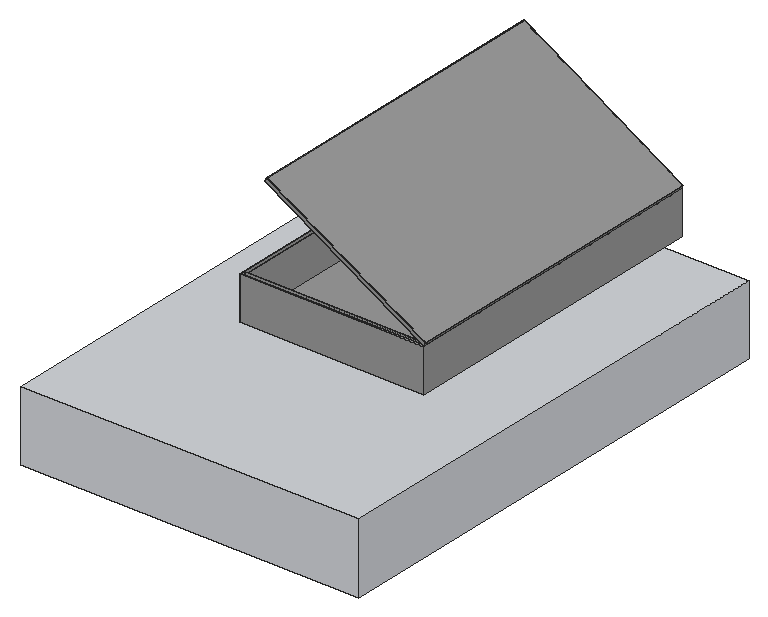
Revit family "Hager-Univers-IP54-D205-H1400-Cl.I-Encl-CH-de", category Equipement électrique, Revit 2020
Family settings
  Hôte = Face
  Configuration du panneau = Deux colonnes, circuits au sein
  Cote de connecteur circulaire = Utiliser le diamètre
  Type d'élément = Tableau de raccordement
  Couper avec des vides une fois chargée = Non
  Partagée = Non
  Point de calcul de pièce = Non
Parameters (values of type "Aufputz IP54 B800 H1400 T205  - FP93TW2")
  Width Control [instance] = if([EF000008 - Breite] > Min Width, [EF000008 - Breite], Min Width)  # 800 mm
  Commentaires du type = [HG000003 - Bereich]  # "Univers"
  Thickness Door [instance] = if([EF009171 - Materialstärke Tür/Deckel] > 3 mm, 3 mm, [EF009171 - Materialstärke Tür/Deckel])  # 1 mm
  Seal Frame Offset [instance] = 17 mm  # constant formula
  Plinth Visibility [instance] = [HG000027 - Sockelhöhe] > 0 mm  # no
  Model = ""
  Min Width [instance] = 100 mm  # constant formula
  Min Height [instance] = 100 mm  # constant formula
  Min Depth [instance] = (2 * [EF009170 - Materialstärke Gehäuse]) + 1 mm  # 3 mm
  Internal Frame Depth [instance] = (Door System Depth * 0.5)  # 9 mm
  Height Control [instance] = if([EF000040 - Höhe] > Min Height, [EF000040 - Höhe], Min Height)  # 1400 mm
  HG000027 - Sockelhöhe = 0 mm
  HG000026 - Stehend auf dem Boden = no
  HG000024 - Höhe des unteren Teils = 800 mm
  HG000023 - Gehäuse mit doppeltem Querschnitt = no
  HG000016 - 3D-Türsichtbarkeit [instance] = yes
  HG000015 - Sichtbarkeit der Türöffnung [instance] = no
  HG000014 - Tür rechts [instance] = yes
  HG000013 - Tür links [instance] = not([HG000014 - Tür rechts])  # no
  HG000012 - Türschwenkwinkel [instance] = 30.00°
  HG000010 - Asymmetrische Türen = no
  HG000009 - Doppelflügeligen Tür = no
  HG000006 - Unterputz = no
  HG000004 - Herstellerreferenz = "FP93TW2"
  HG000003 - Bereich = "Univers"
  HG000002 - Mit tür = yes
  Frame Offset Bottom [instance] = 10 mm  # constant formula
  Frame Offset [instance] = 15 mm  # constant formula
  EF015940 - Deckel mit Überdruckentlastung = no
  EF011959 - Schutzart (NEMA) = ""
  EF009554 - Anzahl der Öffnungen für Flanschplatten = 6
  Fabricant = "Hager"  # constant formula
  EF009212 - Ausführung Deckel = "EV000116 - geschlossen"
  EF009171 - Materialstärke Tür/Deckel = 1 mm
  EF009170 - Materialstärke Gehäuse = 1 mm
  EF008873 - Nennstrom (In) = 250 A
  EF007800 - Geeignet für Blitzschutz = no
  EF006306 - Mit Schloss = no
  EF006244 - Transparenter Deckel/Tür = no
  EF005474 - Schutzart (IP) = "EV006419 - IP54"
  EF004464 - Art der Tür = "EV002646 - Einzel"
  EF004427 - Anzahl der Module = 324
  EF004293 - Schlagfestigkeit = "EV006815 - IK09"
  EF003532 - Geeignet für Außengebrauch = no
  EF002950 - Breite in Teilungseinheiten = 36
  EF001613 - Funktionserhalt = "EV000494 - ohne"
  EF001596 - Werkstoff des Gehäuses = "EV000179 - Stahl"
  EF001131 - Innentiefe = 130 mm
  EF001088 - Anbaumöglichkeit = yes
  EF000437 - Anzahl der Leitungseinführungen = 6
  EF000339 - Art der Abdeckung = "EV001012 - Deckel"
  EF000266 - Anzahl der Reihen = 9
  EF000218 - Einbautiefe = 205 mm
  EF000118 - Mit Montageplatte = no
  EF000116 - RAL-Nummer = "9010"
  EF000049 - Tiefe = 205 mm
  EF000040 - Höhe = 1400 mm
  EF000008 - Breite = 800 mm
  EF000007 - Farbe = "EV000202 - weiß"
  EF000003 - Montageart = "EV000384 - Aufputz"
  Door System Leaf Tolerance [instance] = 1.5 mm  # constant formula
  Door System Depth [instance] = 18 mm  # constant formula
  Door Height [instance] = Height Control - [HG000027 - Sockelhöhe]  # 1400 mm
  Depth Control [instance] = if([EF000049 - Tiefe] > Min Depth, [EF000049 - Tiefe], Min Depth)  # 205 mm
  Default Elevation = 0 mm
  Connector Offset [instance] = Height Control / 2  # 700 mm
  Bottom Top Plate Trim [instance] = 1.5 mm  # constant formula
  Plinth height Ctrl [instance] = if([HG000027 - Sockelhöhe] > 0 mm, [HG000027 - Sockelhöhe], 12 mm)  # 12 mm
Types (5, lengths in mm): name | Width Control | HG000009 - Doppelflügeligen Tür | HG000004 - Herstellerreferenz | EF009554 - Anzahl der Öffnungen für Flanschplatten | EF004464 - Art der Tür | EF004427 - Anzahl der Module | EF002950 - Breite in Teilungseinheiten | EF000437 - Anzahl der Leitungseinführungen | EF000008 - Breite
  Aufputz IP54 B1050 H1400 T205  - FP94TW2 | 1050 | no | "FP94TW2" | 8 | "EV003602 - Doppel" | 432 | 48 | 8 | 1050
  Aufputz IP54 B1300 H1400 T205  - FP95TW2 | 1300 | yes | "FP95TW2" | 10 | "EV003602 - Doppel" | 540 | 60 | 10 | 1300
  Aufputz IP54 B300 H1400 T205  - FP91TW2 | 300 | no | "FP91TW2" | 2 | "EV002646 - Einzel" | 108 | 12 | 2 | 300
  Aufputz IP54 B550 H1400 T205  - FP92TW2 | 550 | no | "FP92TW2" | 4 | "EV002646 - Einzel" | 216 | 24 | 4 | 550
  Aufputz IP54 B800 H1400 T205  - FP93TW2 | 800 | no | "FP93TW2" | 6 | "EV002646 - Einzel" | 324 | 36 | 6 | 800
Reference planes
  plane 1 "Center (Front/Back)": y = 0
  plane 2: z = 0
  plane 3 "Center (Left/Right)": x = 0
  plane 4: z = 205
  plane 5: y = 1
  plane 6: y = 700
  plane 7: y = 0
  plane 8: y = 1400
  plane 9: z = 0
  plane 10: x = -385
  plane 11: x = 385
  plane 12: x = 384
  plane 13: x = -384
  plane 14: y = 1399
  plane 15: x = -383
  plane 16: x = -400
  plane 17: x = 383
  plane 18: x = 400
  plane 19: x = 399
  plane 20: x = -399
  plane 21: y = 11
  plane 22: y = 1400
  plane 23: y = 1384
  plane 24: z = 187
  plane 25: z = 1
  plane 26: z = 186
  plane 27: z = 204
Forms (mm)
  Extrusion 1, solid
    sketch origin (0, 0, 0) x (1, 0, 0) y (0, 1, 0)
      loop
        line (-702.964, 1305) -> (-702.964, -811.445) -> (766.763, -811.445) -> (766.763, 1305) -> (-702.964, 1305)
    from 0 to -304.8
  Extrusion 2, solid, material "Hager_Steel_RAL7035_Light_Grey", visible <- "Plinth Visibility", detail levels medium+fine
    sketch origin (0, 0, 0) x (1, 0, 0) y (0, 1, 0)
      loop
        line (-400, 0) -> (400, 0) -> (400, 12) -> (-400, 12) -> (-400, 0)
    from 0 to 187
  Extrusion 3, solid, material "Hager_Steel_RAL7035_Light_Grey", detail levels medium+fine
    sketch origin (0, 0, 0) x (1, 0, 0) y (0, 1, 0)
      loop
        line (-400, 0) -> (400, 0) -> (400, 1400) -> (-400, 1400) -> (-400, 0)
    from 0 to 187
  Extrusion 4, void
    sketch origin (0, 0, 0) x (1, 0, 0) y (0, 1, 0)
      loop
        line (-399, 1) -> (399, 1) -> (399, 1399) -> (-399, 1399) -> (-399, 1)
    from 1 to 186
  Extrusion 5, void
    sketch origin (-381.607, -4572, 187) x (0, -1, 0) y (-1, 0, 0)
      loop
        line (-4583, 2.393) -> (-5956, 2.393) -> (-5956, -765.607) -> (-4583, -765.607) -> (-4583, 2.393)
    from 0 to 1 <- "EF009170 - Materialstärke Gehäuse"
  Extrusion 6, solid, material "Hager_Steel_RAL7035_Light_Grey", detail levels fine
    sketch origin (0, 0, 187) x (1, 0, 0) y (0, 1, 0)
      loop
        line (-384, 1384) -> (-384, 11) -> (384, 11) -> (384, 1384) -> (-384, 1384)
      loop
        line (-385, 10) -> (385, 10) -> (385, 1385) -> (-385, 1385) -> (-385, 10)
    from 0 to 9 <- "Internal Frame Depth"
  Extrusion 7, solid, material "Hager_Steel_RAL7035_Light_Grey", detail levels coarse
    sketch origin (0, 0, 0) x (1, 0, 0) y (0, 1, 0)
      loop
        line (-400, 0) -> (400, 0) -> (400, 1400) -> (-400, 1400) -> (-400, 0)
    from 0 to 205
  Sweep 8, void
    path in 3D
      loop
        line (-400, 12, 0) -> (400, 12, 0) -> (400, 12, 187) -> (-400, 12, 187) -> (-400, 12, 0)
    profile origin (-400, 12, 93.5) x (-1, 0, 0) y (0, -1, 0)
      loop
        line (0, 0) -> (0, 1.5) -> (-1.5, 1.5)
        arc (-1.5, 1.5) -> (-1.061, 0.439) -> (0, 0) r 1.5
Cuts and joins
  Extrusion 4, Extrusion 5 cuts Extrusion 3
  Sweep 8 cuts Extrusion 2
Lines and regions (mm)
  Masking region 1
    outline origin (0, 0, 0) x (1, 0, 0) y (0, 0, 1)
      loop
        line (-400, 205) -> (-400, 0) -> (400, 0) -> (400, 205) -> (-400, 205)
  Masking region 2, detail levels medium+fine
    outline origin (0, 140, 0) x (0, 1, 0) y (0, 0, 1)
      loop
        line (-140, 0) -> (1260, 0) -> (1260, 187) -> (-140, 187) -> (-140, 0)
  Masking region 3, not visible, detail levels medium+fine
    outline origin (0, 297.922, 0) x (0, 1, 0) y (0, 0, 1)
      loop
        line (413.578, 0) -> (453.578, 0) -> (453.578, 194)
        arc (453.578, 194) -> (450.649, 201.071) -> (443.578, 204) r 10
        line (443.578, 204) -> (413.578, 204) -> (413.578, 0)
  Masking region 4, detail levels coarse
    outline origin (0, 0, 180) x (0, 1, 0) y (0, 0, 1)
      loop
        line (0, -180) -> (1400, -180) -> (1400, 25) -> (0, 25) -> (0, -180)
  Masking region 5, visible <- "Plinth Visibility", detail levels medium+fine
    outline origin (0, 52.24, 12.345) x (0, 0, -1) y (0, 1, 0)
      loop
        line (10.845, -40.24) -> (-173.155, -40.24)
        arc (-173.155, -40.24) -> (-173.594, -41.301) -> (-174.655, -41.74) r 1.5
        line (-174.655, -41.74) -> (-174.655, -52.24) -> (12.345, -52.24) -> (12.345, -41.74)
        arc (12.345, -41.74) -> (11.285, -41.301) -> (10.845, -40.24) r 1.5
  Masking region 6, detail levels medium+fine
    outline origin (-381.607, -4572, 187) x (-1, 0, 0) y (0, -1, 0)
      loop
        line (18.393, -5972) -> (18.393, -4572) -> (-781.607, -4572) -> (-781.607, -5972) -> (18.393, -5972)
  Masking region 7, visible <- "Plinth Visibility", detail levels medium+fine
    outline origin (-381.607, -4727, 187) x (-1, 0, 0) y (0, -1, 0)
      loop
        arc (16.893, -4739) -> (17.332, -4737.939) -> (18.393, -4737.5) r 1.5
        line (18.393, -4737.5) -> (18.393, -4727) -> (-781.607, -4727) -> (-781.607, -4737.5)
        arc (-781.607, -4737.5) -> (-780.546, -4737.939) -> (-780.107, -4739) r 1.5
        line (-780.107, -4739) -> (16.893, -4739)
  Masking region 8, detail levels coarse
    outline origin (-442.548, -4669.526, 187) x (-1, 0, 0) y (0, -1, 0)
      loop
        line (-42.548, -6069.526) -> (-42.548, -4669.526) -> (-842.548, -4669.526) -> (-842.548, -6069.526) -> (-42.548, -6069.526)
  sketch lines
    curve 1: line (-400, 12, 187) -> (-400, 12, 0)
    curve 2: line (400, 12, 187) -> (-400, 12, 187)
    curve 3: line (400, 12, 187) -> (400, 12, 0)
    curve 4: line (-400, 12, 0) -> (400, 12, 0)
Dimensions and locks
  "Depth Control": plane 4 to Extrusion 1
  "HG000027 - Sockelhöhe": plane 1 "Center (Front/Back)" to plane 7
  "EF009170 - Materialstärke Gehäuse": plane 5 to plane 7
  locked: connector elem to plane 3 "Center (Left/Right)"
  equal spacing: plane 8, plane 6, plane 7
  locked: connector elem to plane 6
  "EF009170 - Materialstärke Gehäuse": plane 8 to plane 14
  "EF009170 - Materialstärke Gehäuse": plane 10 to plane 13
  "EF009170 - Materialstärke Gehäuse": plane 12 to plane 11
  "Frame Offset": plane 20 to plane 13
  "Frame Offset": plane 12 to plane 19
  "EF009170 - Materialstärke Gehäuse": plane 16 to plane 20
  "EF009170 - Materialstärke Gehäuse": plane 19 to plane 18
  "Seal Frame Offset": plane 16 to plane 15
  "Seal Frame Offset": plane 17 to plane 18
  "Frame Offset Bottom": plane 21 to plane 5
  "Frame Offset": plane 14 to plane 23
  equal spacing: plane 16, plane 3 "Center (Left/Right)", plane 18
  "Width Control": plane 16 to plane 18
  "EF009170 - Materialstärke Gehäuse": plane 4 to plane 27
  "EF009170 - Materialstärke Gehäuse": plane 24 to plane 26
  "EF009170 - Materialstärke Gehäuse": plane 25 to level
  "Door System Depth": plane 4 to plane 24
  "Height Control": plane 1 "Center (Front/Back)" to Extrusion 7 sketch curve
  "Height Control": Masking region 4 sketch curve to plane 1 "Center (Front/Back)"
  "Height Control": plane 1 "Center (Front/Back)" to plane 22
  "Bottom Top Plate Trim": profile plane to Sweep 8 sketch curve
  "Bottom Top Plate Trim": Sweep 8 sketch curve to profile plane
  "Plinth height Ctrl": plane 1 "Center (Front/Back)" to Extrusion 2 sketch curve
  "Plinth height Ctrl": Masking region 5 sketch curve to plane 1 "Center (Front/Back)"
  "Plinth height Ctrl": plane 1 "Center (Front/Back)" to Masking region 7 sketch curve
  "Thickness Door": Extrusion 6 sketch curve to Extrusion 6 sketch curve  (x3)
  "Thickness Door": cut or joined group of Extrusion 3, Extrusion 4, Extrusion 5 to Extrusion 6 sketch curve
  radius of Masking region 3 sketch curve = 10 mm
  "Bottom Top Plate Trim": radius of Masking region 5 sketch curve  (x2)
  "Bottom Top Plate Trim": radius of Sweep 8 sketch curve
  "Bottom Top Plate Trim": radius of Masking region 7 sketch curve  (x2)
  aligned and locked: plane 2 to Extrusion 1
  aligned and locked: level to Extrusion 1
  aligned and locked: level to Masking region 1 sketch curve
  aligned and locked: Masking region 1 sketch curve to plane 18
  aligned and locked: Masking region 1 sketch curve to plane 16
  aligned and locked: plane 7 to Masking region 2 sketch curve
  aligned and locked: level to Masking region 3 sketch curve
  aligned and locked: Masking region 3 sketch curve to plane 27
  aligned and locked: level to Masking region 2 sketch curve
  aligned and locked: plane 1 "Center (Front/Back)" to Extrusion 2 sketch curve
  aligned and locked: Extrusion 3 sketch curve to plane 7
  aligned and locked: plane 16 to Extrusion 3 sketch curve
  aligned and locked: plane 18 to Extrusion 3 sketch curve
  aligned and locked: plane 20 to Extrusion 4 sketch curve
  aligned and locked: plane 19 to Extrusion 4 sketch curve
  aligned and locked: Extrusion 4 sketch curve to plane 5
  aligned and locked: Extrusion 4 to plane 25
  aligned and locked: plane 26 to Extrusion 4
  aligned and locked: plane 24 to Extrusion 3
  aligned and locked: Extrusion 5 sketch curve to plane 21
  aligned and locked: Extrusion 5 sketch curve to plane 13
  aligned and locked: Extrusion 5 sketch curve to plane 12
  aligned and locked: plane 18 to Extrusion 7 sketch curve
  aligned and locked: plane 1 "Center (Front/Back)" to Extrusion 7 sketch curve
  aligned and locked: plane 16 to Extrusion 7 sketch curve
  aligned and locked: plane 4 to Extrusion 7
  aligned and locked: Extrusion 7 to level
  aligned and locked: level to Masking region 4 sketch curve
  aligned and locked: Masking region 4 sketch curve to plane 1 "Center (Front/Back)"
  aligned and locked: Masking region 4 sketch curve to plane 4
  aligned and locked: nested 1 to level
  aligned and locked: nested 1 to plane 16
  aligned and locked: plane 8 to Extrusion 3 sketch curve
  aligned and locked: plane 23 to Extrusion 5 sketch curve
  aligned and locked: plane 14 to Extrusion 4 sketch curve
  aligned and locked: Masking region 2 sketch curve to plane 8
  aligned and locked: level to Masking region 5 sketch curve
  aligned and locked: plane 16 to Extrusion 2 sketch curve
  aligned and locked: plane 18 to Extrusion 2 sketch curve
  aligned and locked: Masking region 5 sketch curve to plane 24
  aligned and locked: Masking region 2 sketch curve to plane 24
  aligned and locked: plane 24 to Extrusion 2
  aligned and locked: profile plane to Sweep 8 sketch curve  (x2)
  aligned and locked: Masking region 6 sketch curve to plane 18
  aligned and locked: Masking region 6 sketch curve to plane 22
  aligned and locked: Masking region 6 sketch curve to plane 16
  aligned and locked: plane 8 to plane 22
  aligned and locked: Masking region 6 sketch curve to plane 7
  aligned and locked: Masking region 7 sketch curve to plane 16
  aligned and locked: Masking region 7 sketch curve to plane 1 "Center (Front/Back)"
  aligned and locked: Masking region 7 sketch curve to plane 18
  aligned and locked: Masking region 8 sketch curve to plane 1 "Center (Front/Back)"
  aligned and locked: Masking region 8 sketch curve to plane 18
  aligned and locked: Masking region 8 sketch curve to plane 22
  aligned and locked: Masking region 8 sketch curve to plane 16
  aligned and locked: nested 2 to plane 7
  aligned and locked: plane 3 "Center (Left/Right)" to nested 2
  aligned and locked: nested 2 to plane 24
  aligned and locked: Extrusion 6 sketch curve to cut or joined group of Extrusion 3, Extrusion 4, Extrusion 5  (x4)
Automatic sketch dimensions
  Extrusion 1 sketch curve to Extrusion 1 sketch curve = 1469.727 mm
  Extrusion 1 sketch curve to Extrusion 1 sketch curve = 2116.445 mm
  Masking region 1 sketch curve to plane 4 = 0 mm
  plane 6 to Masking region 3 sketch curve = 11.5 mm
  Masking region 3 sketch curve to Masking region 3 sketch curve = 30 mm
  Masking region 5 sketch curve to plane 1 "Center (Front/Back)" = 0 mm
Nested families
  nested 1: "Hager_Enclosure_Symbol" at (-400, 0, 0) x (1, 0, 0) z (0, -1, 0), Height <- "Depth Control", Width <- "Width Control", type "Hager_Enclosure_Symbol"
    with Width_Ctrl 800 mm, Width 800 mm, Height_Ctrl 205 mm, Height 205 mm, A_Width_Int 13.453 mm, A_Width 161.438 mm, A_Height_Ctrl 179.375 mm, A_Height 179.375 mm
  nested 2: "EC000058_Univers_Door" at (0, 0, 187) x (1, 0, 0) z (0, 1, 0), Leaf_Tolerance <- "Door System Leaf Tolerance", Angle <- "HG000012 - Türschwenkwinkel", Door_Depth <- "Door System Depth", Door_Left <- "HG000013 - Tür links", Transparent <- "EF006244 - Transparenter Deckel/Tür", Assymetrical <- "HG000010 - Asymmetrische Türen", Width <- "Width Control", Clearance <- "HG000015 - Sichtbarkeit der Türöffnung", Double <- "HG000009 - Doppelflügeligen Tür", 3d_Door <- "HG000016 - 3D-Türsichtbarkeit", Lock_Visibility <- "EF006306 - Mit Schloss", Width_Ctrl <- "Width Control", Door_Right <- "HG000014 - Tür rechts", Door <- "HG000002 - Mit tür", Height <- "Door Height", Thickness <- "Thickness Door", type "EC000058_Univers_Door", detail levels medium+fine
    with min_wh 3 mm, Width_Ctrl 800 mm, Width 800 mm, Transparent no, Thickness 1 mm, Seal_Material Hager_Rubber, Lock_Visibility no, Lock_Material Hager_Plastic_RAL9005_Jet_Black, Leaf_Width 800 mm, Leaf_Tolerance_External_Sides 0 mm, Leaf_Tolerance 1.5 mm, Leaf_Offset 0 mm, Leaf_Height 1397 mm, Leaf_2_Width 800 mm, Leaf_2_Offset 400 mm, Leaf_1_Width 800 mm, Leaf_1_Offset 400 mm, Height_Ctrl 1400 mm, Height 1400 mm, Glass_Material Hager_Glass, Double_Clearance_Ctrl no, Double no, Door_Right_Ctrl yes, Door_Right yes, Door_Material Hager_Steel_RAL7035_Light_Grey, Door_Left_Ctrl no, Door_Left no, Door_Depth 18 mm, Door yes, Clearance_Material Hager_Clearance, Clearance_Depth 800 mm, Clearance_Ctrl no, Clearance no, Assymetrical no, Angle 30.00°, 3d_Door yes
Connectors
  electrical at (0, 700, 0)
    settings: on plane 9, index 1, voltage 0 V, apparent load 0 VA, apparent load phase1 0 VA, apparent load phase2 0 VA, apparent load phase3 0 VA, power factor 1, load classification "Other", number of poles 1, system type 30, power factor state 1, is connector primary yes, connector utility no, sub classification motor no, connector description ""
Definition of nested family "EC000058_Univers_Door"
  Parameters (values of type "EC000058_Univers_Door")
    min_wh [instance] = (2 * Thickness) + 1 mm  # 11 mm
    Width_Ctrl [instance] = 400 mm
    Width [instance] = 500 mm
    Transparent [instance] = yes
    Thickness [instance] = 5 mm
    Seal_Material [instance] = none
    Lock_Visibility [instance] = yes
    Lock_Material [instance] = none
    Leaf_Width [instance] = if((Width_Ctrl - 2 * Leaf_Tolerance_External_Sides) > 0 mm, (Width_Ctrl - 2 * Leaf_Tolerance_External_Sides), min_wh)  # 400 mm
    Leaf_Tolerance_External_Sides [instance] = 0 mm  # constant formula
    Leaf_Tolerance [instance] = 1.5 mm
    Leaf_Offset [instance] = 0 mm  # constant formula
    Leaf_Height [instance] = if((Height_Ctrl - 2 * Leaf_Tolerance) > 0 mm, (Height_Ctrl - 2 * Leaf_Tolerance), min_wh)  # 497 mm
    Leaf_2_Width [instance] = if(and(and(Double, Assymetrical), Door_Left), (Leaf_Width / 3) - (Leaf_Tolerance / 2), if(and(and(Double, Assymetrical), Door_Right), (Leaf_Width / 3) * 2 - (Leaf_Tolerance / 2), if(and(Double, not(Assymetrical)), (Leaf_Width / 2) - Leaf_Tolerance, Leaf_Width)))  # 400 mm
    Leaf_2_Offset [instance] = if(and(Double, Assymetrical), Leaf_2_Width / 2, if(and(Double, not(Assymetrical)), Leaf_Width / 4, Leaf_Width / 2))  # 200 mm
    Leaf_1_Width [instance] = if(and(and(Double, Assymetrical), Door_Right), (Leaf_Width / 3) - (Leaf_Tolerance / 2), if(and(and(Double, Assymetrical), Door_Left), (Width / 3) * 2 - (Leaf_Tolerance / 2), if(and(Double, not(Assymetrical)), (Leaf_Width / 2) - Leaf_Tolerance, Leaf_Width)))  # 400 mm
    Leaf_1_Offset [instance] = if(and(Double, Assymetrical), Leaf_1_Width / 2, if(and(Double, not(Assymetrical)), Leaf_Width / 4, Leaf_Width / 2))  # 200 mm
    Height_Ctrl [instance] = if(Height > min_wh, Height, min_wh)  # 500 mm
    Height [instance] = 500 mm
    Glass_Material [instance] = none
    Double_Clearance_Ctrl [instance] = and(Double, Clearance)  # no
    Double [instance] = no
    Door_Right_Ctrl [instance] = and(or(Door_Right, Double), Door)  # yes
    Door_Right [instance] = yes
    Door_Material [instance] = none
    Door_Left_Ctrl [instance] = and(or(Door_Left, Double), Door)  # no
    Door_Left [instance] = no
    Door_Depth [instance] = 30 mm
    Door [instance] = yes
    Default Elevation = 1219.2 mm
    Clearance_Material [instance] = none
    Clearance_Depth [instance] = if(Leaf_1_Width > Leaf_2_Width, Leaf_1_Width, Leaf_2_Width)  # 400 mm
    Clearance_Ctrl [instance] = and(not(Double), Clearance)  # yes
    Clearance [instance] = yes
    Assymetrical [instance] = yes
    Angle [instance] = 30.00°
    3d_Door [instance] = yes
  Reference planes
    plane 1 "Center (Front/Back)": y = 0
    plane 2 "Bottom": z = 0
    plane 3 "Center (Left/Right)": x = 0
    plane 4: z = 500
    plane 5: x = -200
    plane 6: x = 200
    plane 7: z = 500
    plane 8: x = -200
    plane 9: z = 0
    plane 10: x = 200
    plane 11: y = 0
    plane 12: z = 1.5
    plane 13: x = -600
    plane 14: y = -400
    plane 15: x = 600
    plane 16: x = 0
    plane 17: x = 0
    plane 18: x = -200
    plane 19: x = 200
    plane 20: z = 498.5
  Forms (mm)
    Extrusion 1, solid, material <- "Clearance_Material", visible <- "Double_Clearance_Ctrl"
      sketch origin (1200, 0, 0) x (1, 0, 0) y (0, 0, -1)
        loop
          line (-1800, -498.5) -> (-600, -498.5) -> (-600, 0) -> (-1800, 0) -> (-1800, -498.5)
      from 0 to -400
  Dimensions and locks
    equal spacing: plane 5, plane 3 "Center (Left/Right)", plane 6
    "Width_Ctrl": plane 5 to plane 6
    "Leaf_Offset": plane 5 to plane 8
    "Leaf_Offset": plane 6 to plane 10
    "Leaf_Offset": plane 9 to level
    "Leaf_Offset": plane 4 to plane 7
    "Height_Ctrl": plane 4 to level
    "Leaf_Tolerance": plane 12 to plane 9
    locked: plane 11 to plane 1 "Center (Front/Back)"
    "Leaf_1_Offset": plane 18 to plane 16
    "Leaf_2_Offset": plane 17 to plane 19
    "Leaf_1_Width": plane 13 to plane 8
    "Leaf_2_Width": plane 10 to plane 15
    "Clearance_Depth": plane 14 to plane 1 "Center (Front/Back)"
    "Leaf_Tolerance_External_Sides": plane 8 to plane 18
    "Leaf_Tolerance_External_Sides": plane 19 to plane 10
    "Leaf_Tolerance": plane 7 to plane 20
    aligned and locked: level to plane 2 "Bottom"
    aligned and locked: nested 1 to plane 16
    aligned and locked: nested 2 to plane 17
    aligned and locked: Extrusion 1 to plane 13
    aligned and locked: plane 15 to Extrusion 1
    aligned and locked: Extrusion 1 to plane 14
    aligned and locked: plane 12 to nested 1
    aligned and locked: nested 2 to plane 12
    aligned and locked: Extrusion 1 to plane 11
    aligned and locked: plane 20 to Extrusion 1
    aligned and locked: nested 2 to plane 11
    aligned and locked: nested 1 to plane 11
  Automatic sketch dimensions
    Extrusion 1 sketch curve to level = 0 mm
    plane 5 to Extrusion 1 sketch curve = 400 mm
    plane 6 to Extrusion 1 sketch curve = 400 mm
    Extrusion 1 sketch curve to plane 4 = 1.5 mm
  Nested families
    nested 1: "EC000058_Univers_Door_Leaf" at (0, 0, 1.5), Width <- "Leaf_1_Width", visible <- "Door_Left_Ctrl", Leaf_Height <- "Leaf_Height", Angle <- "Angle", 3d_Door <- "3d_Door", Transparent <- "Transparent", Clearance Material <- "Clearance_Material", Clearance <- "Clearance_Ctrl", Door_Material <- "Door_Material", Glass_Material <- "Glass_Material", Door_Depth <- "Door_Depth", Lock_Material <- "Lock_Material", Seal_Material <- "Seal_Material", Lock_Visibility <- "Lock_Visibility", Thickness <- "Thickness", type "EC000058_Univers_Door_Leaf"
      with Width 400 mm, Transparent_Glass_Offset 30 mm, Transparent_Ctrl yes, Transparent yes, Thickness 5 mm, Standard no, Seal_Material none, Seal_D2 8 mm, Seal_D1 1 mm, Offset_Internal_Frame 10 mm, Lock_Width 20 mm, Lock_Visibility_3d yes, Lock_Visibility yes, Lock_Thickness_3 3 mm, Lock_Thickness_2 1 mm, Lock_Thickness_1 3 mm, Lock_Radius_Offset_2 16 mm, Lock_Radius_Offset_1 15 mm, Lock_Radius_2 5 mm, Lock_Radius 6 mm, Lock_Offset 5 mm, Lock_Material none, Lock_Height 80 mm, Lock_Cover_Top_Offset_2d 17 mm, Lock_Cover_Height -65 mm, Leaf_Height 497 mm, Internal_Seal_Thickness 8 mm, Internal_Seal_Depth_2 4.5 mm, Internal_Frame_Depth 25 mm, Glass_Thickness -1 mm, Glass_Offset -2 mm, Glass_Material none, Door_Material none, Door_Depth 30 mm, Clearance Material none, Clearance yes, Angle_Ctrl 30.00°, Angle 30.00°, 3d_Door yes
    nested 2: "EC000058_Univers_Door_Leaf" at (0, 0, 1.5) x (-1, 0, 0) z (0, 0, 1), Width <- "Leaf_2_Width", visible <- "Door_Right_Ctrl", Leaf_Height <- "Leaf_Height", Angle <- "Angle", 3d_Door <- "3d_Door", Transparent <- "Transparent", Clearance Material <- "Clearance_Material", Clearance <- "Clearance_Ctrl", Door_Material <- "Door_Material", Glass_Material <- "Glass_Material", Door_Depth <- "Door_Depth", Lock_Material <- "Lock_Material", Seal_Material <- "Seal_Material", Lock_Visibility <- "Lock_Visibility", Thickness <- "Thickness", type "EC000058_Univers_Door_Leaf"
      with Width 400 mm, Transparent_Glass_Offset 30 mm, Transparent_Ctrl yes, Transparent yes, Thickness 5 mm, Standard no, Seal_Material none, Seal_D2 8 mm, Seal_D1 1 mm, Offset_Internal_Frame 10 mm, Lock_Width 20 mm, Lock_Visibility_3d yes, Lock_Visibility yes, Lock_Thickness_3 3 mm, Lock_Thickness_2 1 mm, Lock_Thickness_1 3 mm, Lock_Radius_Offset_2 16 mm, Lock_Radius_Offset_1 15 mm, Lock_Radius_2 5 mm, Lock_Radius 6 mm, Lock_Offset 5 mm, Lock_Material none, Lock_Height 80 mm, Lock_Cover_Top_Offset_2d 17 mm, Lock_Cover_Height -65 mm, Leaf_Height 497 mm, Internal_Seal_Thickness 8 mm, Internal_Seal_Depth_2 4.5 mm, Internal_Frame_Depth 25 mm, Glass_Thickness -1 mm, Glass_Offset -2 mm, Glass_Material none, Door_Material none, Door_Depth 30 mm, Clearance Material none, Clearance yes, Angle_Ctrl 30.00°, Angle 30.00°, 3d_Door yes
  Definition of nested family "EC000058_Univers_Door_Leaf"
    Parameters (values of type "EC000058_Univers_Door_Leaf")
      Width [instance] = 2000 mm
      Transparent_Glass_Offset [instance] = 30 mm
      Transparent_Ctrl [instance] = and(Transparent, [3d_Door])  # yes
      Transparent [instance] = yes
      Thickness [instance] = 5 mm
      Standard [instance] = and(not(Transparent), [3d_Door])  # no
      Seal_Material [instance] = none
      Seal_D2 [instance] = 8 mm  # constant formula
      Seal_D1 [instance] = 1 mm  # constant formula
      Offset_Internal_Frame [instance] = 10 mm  # constant formula
      Lock_Width [instance] = 20 mm  # constant formula
      Lock_Visibility_3d [instance] = and(Lock_Visibility, [3d_Door])  # yes
      Lock_Visibility [instance] = yes
      Lock_Thickness_3 [instance] = 3 mm  # constant formula
      Lock_Thickness_2 [instance] = 1 mm  # constant formula
      Lock_Thickness_1 [instance] = 3 mm  # constant formula
      Lock_Radius_Offset_2 [instance] = Lock_Radius_Offset_1 + 1 mm  # 16 mm
      Lock_Radius_Offset_1 [instance] = 15 mm  # constant formula
      Lock_Radius_2 [instance] = Lock_Radius - 1 mm  # 5 mm
      Lock_Radius [instance] = 6 mm  # constant formula
      Lock_Offset [instance] = 5 mm  # constant formula
      Lock_Material [instance] = none
      Lock_Height [instance] = 80 mm  # constant formula
      Lock_Cover_Top_Offset_2d [instance] = Lock_Radius_Offset_2 + 1 mm  # 17 mm
      Lock_Cover_Height [instance] = -(Lock_Height - Lock_Radius_Offset_1)  # -65 mm
      Leaf_Height [instance] = 2720.336 mm
      Internal_Seal_Thickness [instance] = 8 mm  # constant formula
      Internal_Seal_Depth_2 [instance] = 4.5 mm  # constant formula
      Internal_Frame_Depth [instance] = if(Door_Depth - Thickness > 5 mm, Door_Depth - Thickness, 5 mm)  # 25 mm
      Glass_Thickness [instance] = if(Thickness > 15 mm, Glass_Offset + 10 mm, -1 mm)  # -1 mm
      Glass_Offset [instance] = if(Thickness > 15 mm, -(Thickness + 10 mm) / 2, -2 mm)  # -2 mm
      Glass_Material [instance] = none
      Door_Material [instance] = none
      Door_Depth [instance] = 30 mm
      Default Elevation = 0 mm
      Clearance Material [instance] = none
      Clearance [instance] = yes
      Angle_Ctrl [instance] = if(Angle > 180.00°, 180.00°, Angle)  # 90.00°
      Angle [instance] = 90.00°
      3d_Door [instance] = yes
    Reference planes
      plane 1 "Center (Front/Back)": y = 0
      plane 2: z = 0
      plane 3 "Center (Left/Right)": x = 0
      plane 4: y = 2000
      plane 5: x = -1000
      plane 6: x = 1000
      plane 7: x = -3000
      plane 8: z = 2720.336
      plane 9: z = 30
      plane 10: z = 2690.336
      plane 11: x = 970
      plane 12: x = -970
      plane 13: y = -3
      plane 14: z = 107.833
      plane 15: y = -5
      plane 16: y = -223.314
      plane 17: x = -1000
      plane 18: z = 1360.168
      plane 19: y = 30
    Forms (mm)
      Extrusion 1, solid, material <- "Clearance Material", visible <- "Clearance"
        sketch origin (0, 0, 0) x (1, 0, 0) y (0, 0, 1)
          loop
            line (-3000, 2720.336) -> (-3000, 0) -> (1000, 0) -> (1000, 2720.336) -> (-3000, 2720.336)
        from 0 to -2000
      Extrusion 2, solid, material <- "Door_Material", visible <- "Standard", detail levels medium+fine
        sketch origin (-1000, 0, 0) x (0, 1, 0) y (-1, 0, 0)
          loop
            line (0, 30) -> (0, 25) -> (2000, 25) -> (2000, 30) -> (0, 30)
        from 0 to 2720.336 <- "Leaf_Height"
      Extrusion 3, solid, material <- "Door_Material", visible <- "Transparent_Ctrl", detail levels medium+fine
        sketch origin (-1000, 0, 0) x (0, 1, 0) y (-1, 0, 0)
          loop
            line (0, 25) -> (2000, 25) -> (2000, 30) -> (0, 30) -> (0, 25)
        from 0 to 2720.336 <- "Leaf_Height"
      Extrusion 4, void
        sketch origin (-1025, 2000, 0) x (0, 1, 0) y (0, 0, -1)
          loop
            line (-30, -2690.336) -> (-30, -30) -> (-1970, -30) -> (-1970, -2690.336) -> (-30, -2690.336)
        from 0 to 5 <- "Thickness"
      Sweep 5, solid, material <- "Seal_Material", visible <- "Transparent_Ctrl", detail levels fine
        path in 3D
          loop
            line (-1025, 30, 30) -> (-1025, 30, 2690.336) -> (-1025, 1970, 2690.336) -> (-1025, 1970, 30) -> (-1025, 30, 30)
        profile origin (-1025, 1000, 30) x (1, 0, 0) y (0, 0, 1)
          loop
            line (0, 0) -> (0, -8) -> (1, -8) -> (1, 0) -> (0, 0)
      Extrusion 6, solid, material <- "Glass_Material", visible <- "Transparent_Ctrl", detail levels medium+fine
        sketch origin (-1030, 0, 0) x (0, 1, 0) y (0, 0, -1)
          loop
            line (1970, -2690.336) -> (1970, -30) -> (30, -30) -> (30, -2690.336) -> (1970, -2690.336)
        from -2 <- "Glass_Offset" to -1 <- "Glass_Thickness"
      Extrusion 7, solid, material <- "Door_Material", visible <- "3d_Door", detail levels medium+fine
        sketch origin (-1025, 2000, 0) x (0, -1, 0) y (0, 0, -1)
          loop
            line (0, -2720.336) -> (2000, -2720.336) -> (2000, 0) -> (0, 0) -> (0, -2720.336)
          loop
            line (1995, -5) -> (5, -5) -> (5, -2715.336) -> (1995, -2715.336) -> (1995, -5)
        from 0 to 25 <- "Internal_Frame_Depth"
      Sweep 8, solid, material <- "Seal_Material", visible <- "Transparent_Ctrl", detail levels fine
        path in 3D
          loop
            line (-1025, 0, 0) -> (-1025, 2000, 0) -> (-1025, 2000, 2720.336) -> (-1025, 0, 2720.336) -> (-1025, 0, 0)
        profile origin (-1025, 0, 1360.168) x (1, 0, 0) y (0, 1, 0)
          loop
            line (0, 10) -> (2.975, 10)
            arc (2.975, 10) -> (4.053, 10.447) -> (4.5, 11.525) r 1.525
            line (4.5, 11.525) -> (4.5, 16.527)
            arc (4.5, 16.527) -> (4.069, 17.569) -> (3.027, 18) r 1.473
            line (3.027, 18) -> (0, 18) -> (0, 10)
      Extrusion 9, solid, material <- "Lock_Material", visible <- "Lock_Visibility_3d", detail levels fine
        sketch origin (-1030, 0, 0) x (0, 1, 0) y (0, 0, -1)
          loop
            arc (1993.5, -1400.168) -> (1994.561, -1399.729) -> (1995, -1398.668) r 1.5
            line (1995, -1398.668) -> (1995, -1320.168) -> (1975, -1320.168) -> (1975, -1398.668)
            arc (1975, -1398.668) -> (1975.439, -1399.729) -> (1976.5, -1400.168) r 1.5
            line (1976.5, -1400.168) -> (1993.5, -1400.168)
        from 3 <- "Lock_Thickness_1" to 0
      Blend 10, solid, material <- "Lock_Material", visible <- "Lock_Visibility_3d", detail levels fine
        base sketch origin (-1033, 0, 0) x (0, 1, 0) y (0, 0, -1)
          loop
            line (1975, -1320.168) -> (1975, -1398.668)
            arc (1975, -1398.668) -> (1975.439, -1399.729) -> (1976.5, -1400.168) r 1.5
            line (1976.5, -1400.168) -> (1993.5, -1400.168)
            arc (1993.5, -1400.168) -> (1994.561, -1399.729) -> (1995, -1398.668) r 1.5
            line (1995, -1398.668) -> (1995, -1320.168) -> (1975, -1320.168)
        top sketch origin (-1033, 0, 0) x (0, 1, 0) y (0, 0, -1)
          loop
            line (1976, -1320.168) -> (1976, -1398.668)
            arc (1976, -1398.668) -> (1976.146, -1399.022) -> (1976.5, -1399.168) r 0.5
            line (1976.5, -1399.168) -> (1993.5, -1399.168)
            arc (1993.5, -1399.168) -> (1993.854, -1399.022) -> (1994, -1398.668) r 0.5
            line (1994, -1398.668) -> (1994, -1320.168) -> (1976, -1320.168)
        from 0 to 1 <- "Lock_Thickness_2"
      Blend 11, solid, material <- "Lock_Material", visible <- "Lock_Visibility_3d", detail levels fine
        base sketch origin (-1034, 0, 0) x (0, 1, 0) y (0, 0, -1)
          loop
            line (1978, -1320.168) -> (1978, -1384.168)
            arc (1978, -1384.168) -> (1985, -1391.168) -> (1992, -1384.168) r 7
            line (1992, -1384.168) -> (1992, -1320.168) -> (1978, -1320.168)
        top sketch origin (-1034, 0, 0) x (0, 1, 0) y (0, 0, -1)
          loop
            line (1991, -1320.168) -> (1979, -1320.168) -> (1979, -1383.168)
            arc (1979, -1383.168) -> (1985, -1389.168) -> (1991, -1383.168) r 6
            line (1991, -1383.168) -> (1991, -1320.168)
        from 0 to 3 <- "Lock_Thickness_3"
      Extrusion 12, solid, material <- "Lock_Material", visible <- "Lock_Visibility_3d", detail levels fine
        sketch origin (-1030, 1975, 1320.168) x (1, 0, 0) y (0, -1, 0)
          loop
            line (-7, -19) -> (-7, -1) -> (0, -1) -> (0, 0) -> (-8, 0) -> (-8, -20) -> (0, -20) -> (0, -19) -> (-7, -19)
        from 0 to -65 <- "Lock_Cover_Height"
      Extrusion 13, void
        sketch origin (-1038, 1995, 1320.168) x (-1, 0, 0) y (0, 0, -1)
          loop
            line (-5, -65) -> (0, -65) -> (-5, -60) -> (-5, -65)
        from 0 to 20 <- "Lock_Width"
      Extrusion 14, void
        sketch origin (-1038, 1975, 1320.168) x (0, -1, 0) y (0, 0, -1)
          loop
            circle (-10, -15.995) r 6
          loop
            circle (-10, -15.995) r 5
        from 0 to 2
      Extrusion 15, solid, material <- "Lock_Material", visible <- "Lock_Visibility_3d", detail levels medium
        sketch origin (-1030, 0, 0) x (0, 1, 0) y (0, 0, -1)
          loop
            arc (1993.5, -1400.168) -> (1994.561, -1399.729) -> (1995, -1398.668) r 1.5
            line (1995, -1398.668) -> (1995, -1320.168) -> (1975, -1320.168) -> (1975, -1398.668)
            arc (1975, -1398.668) -> (1975.439, -1399.729) -> (1976.5, -1400.168) r 1.5
            line (1976.5, -1400.168) -> (1993.5, -1400.168)
        from 8 to 0
    Cuts and joins
      Extrusion 4 cuts Extrusion 3
      Extrusion 13, Extrusion 14 cuts Extrusion 9
      Extrusion 14 cuts Blend 11
      Extrusion 13, Extrusion 14 cuts Extrusion 12
      joined: Extrusion 9, Blend 10, Blend 11, Extrusion 12
      Extrusion 14 cuts Extrusion 15
    Lines and regions (mm)
      Masking region 1, visible <- "Lock_Visibility", detail levels fine
        outline origin (0, 0, 0) x (0, 1, 0) y (0, 0, 1)
          loop
            line (30, 1320.168) -> (33, 1320.168) -> (33, 1400.168) -> (30, 1400.168) -> (30, 1320.168)
      Masking region 2, visible <- "Lock_Visibility", detail levels fine
        outline origin (0, 3.143, 0) x (0, 1, 0) y (0, 0, 1)
          loop
            line (29.857, 1354.168) -> (30.857, 1354.168) -> (30.857, 1366.168) -> (29.857, 1366.168) -> (29.857, 1354.168)
      Masking region 3, detail levels medium+fine
        outline origin (0, 0, 0) x (0, 1, 0) y (0, 0, 1)
          loop
            line (0, 0) -> (30, 0) -> (30, 2720.336) -> (0, 2720.336) -> (0, 0)
      Masking region 4, detail levels medium+fine
        outline origin (0, 0, 0) x (1, 0, 0) y (0, 0, 1)
          loop
            line (-1000, 2720.336) -> (-1000, 0) -> (1000, 0) -> (1000, 2720.336) -> (-1000, 2720.336)
      Masking region 5, visible <- "Lock_Visibility", detail levels fine
        outline origin (-47.116, 0, 0) x (1, 0, 0) y (0, 0, 1)
          loop
            arc (1024.616, 1399.168) -> (1023.556, 1398.729) -> (1023.116, 1397.668) r 1.5
            line (1023.116, 1397.668) -> (1023.116, 1320.168) -> (1041.116, 1320.168) -> (1041.116, 1397.668)
            arc (1041.116, 1397.668) -> (1040.677, 1398.729) -> (1039.616, 1399.168) r 1.5
            line (1039.616, 1399.168) -> (1024.616, 1399.168)
      Masking region 6, visible <- "Lock_Visibility", detail levels medium+fine
        outline origin (-25, 0, 0) x (1, 0, 0) y (0, 0, 1)
          loop
            arc (1001.5, 1400.168) -> (1000.439, 1399.729) -> (1000, 1398.668) r 1.5
            line (1000, 1398.668) -> (1000, 1320.168) -> (1020, 1320.168) -> (1020, 1398.668)
            arc (1020, 1398.668) -> (1019.561, 1399.729) -> (1018.5, 1400.168) r 1.5
            line (1018.5, 1400.168) -> (1001.5, 1400.168)
      Masking region 7, visible <- "Lock_Visibility", detail levels fine
        outline origin (-73.735, 0, 0) x (1, 0, 0) y (0, 0, 1)
          loop
            line (1051.735, 1382.168) -> (1065.735, 1382.168) -> (1065.735, 1384.168)
            arc (1065.735, 1384.168) -> (1058.735, 1391.168) -> (1051.735, 1384.168) r 7
            line (1051.735, 1384.168) -> (1051.735, 1382.168)
      Masking region 8, visible <- "Lock_Visibility", detail levels fine
        outline origin (-73.735, 0, 0) x (1, 0, 0) y (0, 0, 1)
          loop
            line (1052.735, 1382.168) -> (1064.735, 1382.168) -> (1064.735, 1383.168)
            arc (1064.735, 1383.168) -> (1058.735, 1389.168) -> (1052.735, 1383.168) r 6
            line (1052.735, 1383.168) -> (1052.735, 1382.168)
      Masking region 9, visible <- "Lock_Visibility", detail levels fine
        outline origin (-25, 0, 0) x (1, 0, 0) y (0, 0, 1)
          loop
            line (1020, 1320.168) -> (1020, 1382.168) -> (1000, 1382.168) -> (1000, 1320.168) -> (1020, 1320.168)
      Masking region 10, detail levels medium+fine
        outline origin (0, 0, 0) x (1, 0, 0) y (0, 0, 1)
          loop
            circle (985, 1335.144) r 6
      Masking region 11, detail levels fine
        outline origin (0, 0, 0) x (1, 0, 0) y (0, 0, 1)
          loop
            circle (985, 1335.144) r 5
      Masking region 12, visible <- "Lock_Visibility", detail levels fine
        outline origin (0, 12.767, 0) x (0, 1, 0) y (0, 0, 1)
          loop
            line (20.233, 1320.168) -> (21.233, 1320.168) -> (21.233, 1399.168) -> (20.233, 1400.168) -> (20.233, 1320.168)
      Masking region 13, visible <- "Lock_Visibility", detail levels fine
        outline origin (0, 13.767, -10) x (0, 1, 0) y (0, 0, 1)
          loop
            line (20.233, 1330.168) -> (23.233, 1330.168) -> (23.233, 1399.168) -> (20.233, 1402.168) -> (20.233, 1330.168)
      Masking region 14, visible <- "Lock_Visibility", detail levels fine
        outline origin (0, 12.767, -10) x (0, 1, 0) y (0, 0, 1)
          loop
            line (20.233, 1330.168) -> (25.233, 1330.168) -> (25.233, 1399.305) -> (20.233, 1394.305) -> (20.233, 1330.168)
      Masking region 15, visible <- "Lock_Visibility", detail levels medium
        outline origin (0, 0, 0) x (0, 1, 0) y (0, 0, 1)
          loop
            line (30, 1320.168) -> (38, 1320.168) -> (38, 1400.168) -> (30, 1400.168) -> (30, 1320.168)
      Masking region 16, visible <- "Lock_Visibility", detail levels fine
        outline origin (-1000, 0, 0) x (0, 1, 0) y (-1, 0, 0)
          loop
            line (1975, 30) -> (1995, 30) -> (1995, 38) -> (1975, 38) -> (1975, 30)
          loop
            line (1979, 37) -> (1976, 37) -> (1976, 34) -> (1978, 34) -> (1979, 37)
          loop
            line (1994, 37) -> (1991, 37) -> (1992, 34) -> (1994, 34) -> (1994, 37)
      Masking region 17, visible <- "Lock_Visibility", detail levels medium
        outline origin (-1000, 0, 0) x (0, 1, 0) y (-1, 0, 0)
          loop
            line (1975, 30) -> (1995, 30) -> (1995, 38) -> (1975, 38) -> (1975, 30)
      symbolic lines
        curve 1: line (1000, 0, 0) -> (-3000, 0, 0)
        curve 2: arc (1000, 0, 0) -> (-1000, 2000, 0) -> (-3000, 0, 0) r 2000
        curve 4: line (-1030, 0, 0) -> (-1030, 2000, 0)
      reference lines
        curve 3: line (-1000, 0, 0) -> (-1000, 2000, 0)
      symbolic lines, detail levels medium+fine
        curve 5: line (-1030, 2000, 0) -> (-1025, 2000, 0)
        curve 7: line (-1025, 0, 0) -> (-1030, 0, 0)
        curve 8: line (-1025, 0, 0) -> (-1000, 0, 0)
        curve 9: line (-1000, 0, 0) -> (-1000, 2000, 0)
        curve 10: line (-1000, 2000, 0) -> (-1025, 2000, 0)
      symbolic lines, detail levels fine
        curve 6: line (-1025, 2000, 0) -> (-1025, 0, 0)
      sketch lines
        curve 11: line (-1025, 0, 2720.336) -> (-1025, 0, 0)
        curve 12: line (-1025, 2000, 0) -> (-1025, 0, 0)
        curve 13: line (-1025, 2000, 2720.336) -> (-1025, 2000, 0)
        curve 14: line (-1025, 0, 2720.336) -> (-1025, 2000, 2720.336)
        curve 15: line (-1025, 1970, 30) -> (-1025, 30, 30)
        curve 16: line (-1025, 30, 30) -> (-1025, 30, 2690.336)
        curve 17: line (-1025, 1970, 2690.336) -> (-1025, 1970, 30)
        curve 18: line (-1025, 30, 2690.336) -> (-1025, 1970, 2690.336)
      symbolic lines, visible <- "Transparent", detail levels medium+fine
        curve 19: line (-970, 0, 2690.336) -> (970, 0, 2690.336)
        curve 20: line (-970, 0, 30) -> (-970, 0, 2690.336)
        curve 21: line (970, 0, 30) -> (-970, 0, 30)
        curve 22: line (970, 0, 2690.336) -> (970, 0, 30)
    Dimensions and locks
      "Width": plane 1 "Center (Front/Back)" to plane 4
      equal spacing: plane 5, plane 3 "Center (Left/Right)", plane 6
      "Width": plane 5 to plane 6
      "Width": plane 7 to plane 5
      "Leaf_Height": plane 8 to level
      "Width": curve 5 to curve 3
      "Width": curve 3 to curve 3
      plane 8 to plane 10 = 30 mm
      plane 9 to level = 30 mm
      plane 12 to plane 5 = 30 mm
      plane 6 to plane 11 = 30 mm
      Extrusion 1 to Extrusion 4 sketch curve = 30 mm
      "Transparent_Glass_Offset": curve 3 to Extrusion 4 sketch curve
      "Transparent_Glass_Offset": Extrusion 4 sketch curve to cut or joined group of Extrusion 3, Extrusion 4  (x2)
      cut or joined group of Extrusion 3, Extrusion 4 to Extrusion 6 sketch curve = 30 mm
      "Transparent_Glass_Offset": cut or joined group of Extrusion 3, Extrusion 4 to Extrusion 4 sketch curve
      "Thickness": curve 6 to curve 4
      "Thickness": Extrusion 7 sketch curve to Extrusion 7 sketch curve  (x4)
      "Door_Depth": curve 4 to curve 3
      "Offset_Internal_Frame": profile plane to Sweep 8 sketch curve
      "Internal_Seal_Thickness": Sweep 8 sketch curve to Sweep 8 sketch curve
      "Internal_Seal_Depth_2": profile plane to Sweep 8 sketch curve
      "Seal_D1": profile plane to Sweep 5 sketch curve
      "Seal_D2": profile plane to Sweep 5 sketch curve
      "Thickness": Extrusion 2 sketch curve to Extrusion 2 sketch curve
      equal spacing: Extrusion 9 sketch curve, plane 18, Extrusion 9 sketch curve  (x2)
      equal spacing: Masking region 1 sketch curve, plane 18, Masking region 1 sketch curve
      "Lock_Height": Masking region 1 sketch curve to Masking region 1 sketch curve
      "Lock_Radius": Masking region 2 sketch curve to plane 18 to Masking region 2 sketch curve
      Masking region 2 sketch curve to Masking region 1 = 1 mm
      "Door_Depth": plane 19 to plane 1 "Center (Front/Back)"
      "Lock_Thickness_1": Masking region 1 sketch curve to plane 19
      "Lock_Width": Extrusion 9 sketch curve to Extrusion 9 sketch curve
      "Lock_Height": Extrusion 9 sketch curve to Extrusion 9 sketch curve
      "Lock_Offset": cut or joined group of Extrusion 3, Extrusion 4 to Extrusion 9 sketch curve
      equal spacing: plane 8, plane 18, level
      "Lock_Radius_Offset_1": Blend 11 sketch curve to Blend 10
      locked: Blend 10 to Blend 11 sketch curve at 2  (x2)
      locked: var sketch to Blend 11 sketch curve at 1  (x2)
      "Lock_Radius_Offset_2": Blend 11 sketch curve to Blend 10
      locked: Extrusion 12 sketch curve to Extrusion 12 sketch curve at 1  (x3)
      Masking region 6 sketch curve to Masking region 6 sketch curve = 80 mm
      "Lock_Height": Masking region 6 sketch curve to Masking region 6 sketch curve
      "Lock_Width": Masking region 6 sketch curve to Masking region 6 sketch curve
      locked: Masking region 6 to Masking region 5 sketch curve at 1  (x3)
      locked: Masking region 5 to Masking region 7 sketch curve at 2  (x2)
      "Lock_Radius_Offset_1": Masking region 5 to Masking region 7 sketch curve
      "Lock_Radius_Offset_2": Masking region 5 to Masking region 8 sketch curve
      locked: Masking region 7 to Masking region 8 sketch curve at 1  (x2)
      "Lock_Cover_Top_Offset_2d": Masking region 5 to Masking region 9 sketch curve
      equal spacing: Masking region 9, Masking region 10 sketch curve, Masking region 9
      equal spacing: Masking region 9, Masking region 11 sketch curve, Masking region 9
      Extrusion 15 sketch curve to Extrusion 15 sketch curve = 80 mm
      "Lock_Width": Extrusion 15 sketch curve to Extrusion 15 sketch curve
      "Lock_Height": Extrusion 15 sketch curve to Extrusion 15 sketch curve
      equal spacing: Extrusion 15 sketch curve, plane 18, Extrusion 15 sketch curve
      "Lock_Thickness_3": Masking region 13 sketch curve to Masking region 13 sketch curve
      "Lock_Height": Masking region 12 sketch curve to Masking region 12 sketch curve
      locked: Masking region 13 sketch curve to Masking region 1 at 8
      locked: Masking region 14 sketch curve to Masking region 13 at 1
      locked: Masking region 14 sketch curve to Masking region 1 at 10.863
      "Lock_Height": Masking region 15 sketch curve to Masking region 15 sketch curve
      "Lock_Offset": Extrusion 15 sketch curve to cut or joined group of Extrusion 3, Extrusion 4
      "Lock_Offset": plane 6 to Masking region 6 sketch curve
      radius of Sweep 8 sketch curve = 1.525 mm
      radius of Sweep 8 sketch curve = 1.473 mm
      radius of Extrusion 9 sketch curve = 1.5 mm  (x2)
      "Lock_Radius": radius of Extrusion 14 sketch curve
      "Lock_Radius_2": radius of Extrusion 14 sketch curve
      "Lock_Radius": radius of Masking region 10 sketch curve
      "Lock_Radius_2": radius of Masking region 11 sketch curve
      radius of Extrusion 15 sketch curve = 1.5 mm  (x2)
      "Angle_Ctrl": angle plane 1 "Center (Front/Back)" to curve 3
      locked: Masking region 12 sketch curve to Masking region 12 sketch curve (angle 45.00°)
      locked: Masking region 13 sketch curve to Masking region 13 sketch curve (angle 45.00°)
      locked: Masking region 14 sketch curve to Masking region 14 sketch curve (angle 45.00°)
      aligned and locked: level to plane 2
      aligned and locked: Extrusion 1 to curve 1
      aligned and locked: plane 6 to Extrusion 1
      aligned and locked: Extrusion 1 to plane 1 "Center (Front/Back)"
      aligned and locked: plane 4 to Extrusion 1
      aligned and locked: plane 8 to Extrusion 1
      aligned and locked: curve 7 to Extrusion 2 sketch curve
      aligned and locked: curve 5 to Extrusion 2 sketch curve
      aligned and locked: curve 7 to Extrusion 3 sketch curve
      aligned and locked: Extrusion 3 sketch curve to curve 4
      aligned and locked: Extrusion 3 sketch curve to curve 6
      aligned and locked: Extrusion 3 sketch curve to curve 5
      aligned and locked: curve 9 to curve 3
      aligned and locked: Extrusion 7 sketch curve to cut or joined group of Extrusion 3, Extrusion 4  (x4)
      aligned and locked: plane 17 to curve 3
      aligned and locked: plane 1 "Center (Front/Back)" to curve 3
      aligned and locked: plane 17 to plane 5
      aligned and locked: Sweep 8 sketch curve to profile plane
      aligned and locked: Sweep 5 sketch curve to profile plane  (x2)
      aligned and locked: Masking region 1 to Masking region 2 sketch curve
      aligned and locked: plane 19 to Masking region 1 sketch curve
      aligned and locked: plane 1 "Center (Front/Back)" to Masking region 3 sketch curve
      aligned and locked: plane 19 to Masking region 3 sketch curve
      aligned and locked: level to Masking region 3 sketch curve
      aligned and locked: Masking region 3 sketch curve to plane 8
      aligned and locked: plane 17 to Masking region 4 sketch curve
      aligned and locked: level to Masking region 4 sketch curve
      aligned and locked: Masking region 4 sketch curve to plane 8
      aligned and locked: plane 12 to curve 20
      aligned and locked: plane 10 to curve 19
      aligned and locked: plane 11 to curve 22
      aligned and locked: curve 21 to plane 9
      aligned and locked: Extrusion 2 sketch curve to cut or joined group of Extrusion 3, Extrusion 4
      aligned and locked: Blend 10 sketch curve to Extrusion 9  (x4)
      aligned and locked: Extrusion 9 to Blend 10 sketch curve
      aligned and locked: Blend 10 to Blend 11 sketch curve
      aligned and locked: Extrusion 12 sketch curve to Blend 11
      aligned and locked: Extrusion 12 sketch curve to Extrusion 9  (x4)
      aligned and locked: Masking region 5 sketch curve to Masking region 6
      aligned and locked: Masking region 9 sketch curve to Masking region 6  (x3)
      aligned and locked: Masking region 12 sketch curve to Masking region 1
      aligned and locked: Masking region 13 sketch curve to Masking region 1
      aligned and locked: Masking region 12 to Masking region 14
      aligned and locked: Masking region 14 sketch curve to Masking region 1
      aligned and locked: Masking region 15 sketch curve to Masking region 14
      aligned and locked: Masking region 13 sketch curve to Masking region 12
      aligned and locked: Masking region 16 sketch curve to cut or joined group of Extrusion 14, Extrusion 15  (x4)
      aligned and locked: Masking region 16 sketch curve to cut or joined group of Extrusion 9, Blend 10, Blend 11, Extrusion 12, Extrusion 13, Extrusion 14  (x6)
      aligned and locked: cut or joined group of Extrusion 9, Blend 10, Blend 11, Extrusion 12, Extrusion 13, Extrusion 14 to Masking region 16 sketch curve
      aligned and locked: Masking region 17 sketch curve to cut or joined group of Extrusion 14, Extrusion 15  (x3)
      aligned and locked: Masking region 17 sketch curve to cut or joined group of Extrusion 9, Blend 10, Blend 11, Extrusion 12, Extrusion 13, Extrusion 14
      aligned and locked: Masking region 9 to Masking region 8 sketch curve
      aligned and locked: Masking region 9 to Masking region 7 sketch curve
    Automatic sketch dimensions
      plane 1 "Center (Front/Back)" to curve 2 = 0 mm
      curve 2 to plane 5 = 0 mm
      Extrusion 1 sketch curve to level = 0 mm
      Extrusion 1 sketch curve to plane 7 = 0 mm
      Extrusion 1 sketch curve to plane 6 = 0 mm
      Extrusion 1 sketch curve to plane 8 = 0 mm
      Extrusion 3 to Extrusion 6 sketch curve = 30 mm  (x4)
      Masking region 4 sketch curve to plane 6 = 0 mm
      Blend 10 sketch curve to Extrusion 9 = 1.5 mm
      Blend 10 sketch curve to Extrusion 9 = 1 mm
      Extrusion 13 sketch curve to Extrusion 12 = 0 mm  (x2)
      Extrusion 12 to Extrusion 13 sketch curve = 3 mm
      Extrusion 13 sketch curve to Extrusion 12 = 5 mm
      Extrusion 14 sketch curve to Extrusion 14 sketch curve = 0 mm  (x2)
      Extrusion 14 sketch curve to Extrusion 12 = 10 mm
      Extrusion 14 sketch curve to Extrusion 12 = 15.995 mm
      Masking region 5 sketch curve to Masking region 5 sketch curve = 1.5 mm  (x2)
      Masking region 10 sketch curve to plane 18 = 25.024 mm
      Masking region 11 sketch curve to plane 18 = 25.024 mm
      plane 19 to Masking region 14 sketch curve = 3 mm
      Masking region 16 sketch curve to Masking region 16 sketch curve = 3 mm
      curve 4 to curve 3 = 0 mm
      Blend 10 to Blend 11 sketch curve = 0 mm
      Masking region 6 sketch curve to Masking region 6 sketch curve = 1.5 mm  (x2)
      Masking region 6 sketch curve to plane 18 = 40 mm
      plane 19 to Masking region 12 sketch curve = 3 mm
      Masking region 12 sketch curve to Masking region 12 sketch curve = 1 mm
      Masking region 15 sketch curve to plane 19 = 0 mm
      Masking region 15 sketch curve to plane 18 = 40 mm
      radius of Blend 10 sketch curve to Extrusion 9 = 1 mm
Definition of nested family "Hager_Enclosure_Symbol"
  Parameters (values of type "Hager_Enclosure_Symbol")
    Width_Ctrl [instance] = if(Width > 1 mm, Width, 1 mm)  # 102.27 mm
    Width [instance] = 102.27 mm
    Height_Ctrl [instance] = if(Height > 1 mm, Height, 1 mm)  # 66.5 mm
    A_Width_Int [instance] = if(A_Width / 12 > 2 mm, A_Width / 12, 2 mm)  # 4.364 mm
    A_Width [instance] = if(A_Height_Ctrl * 0.9 > 2 mm, A_Height_Ctrl * 0.9, 2 mm)  # 52.369 mm
    A_Height_Ctrl [instance] = if(A_Height > 2 mm, A_Height, 2 mm)  # 58.188 mm
    Height [instance] = 66.5 mm
    A_Height [instance] = Height - (Height / 8)  # 58.188 mm
  Reference planes
    plane 1 "Centre (avant/arrière)": y = 0
    plane 2: z = 0
    plane 3 "Centre (gauche/droite)": x = 0
    plane 4: x = 52.369
    plane 5: y = 33.042
    plane 6: y = 41.77
    plane 7: y = 66.5
    plane 8: x = 26.184
    plane 9: y = 37.406
    plane 10: x = 102.27
    plane 11: y = 66.5
    plane 12: y = 8.313
  Lines and regions (mm)
    Filled region 1, type "Solid_Black", in view "Niveau de réf."
      outline origin (0, 0, 0) x (1, 0, 0) y (0, 1, 0)
        loop
          line (52.369, 66.5) -> (33.188, 54.536) -> (45.365, 45.006) -> (52.369, 66.5)
    Filled region 2, type "Solid_Black", in view "Niveau de réf."
      outline origin (0, 0, 0) x (1, 0, 0) y (0, 1, 0)
        loop
          line (0, 0) -> (102.27, 0) -> (102.27, 66.5) -> (0, 0)
    detail lines, in view "Niveau de réf."
      curve 1: line (0, 8.313, 0) -> (26.184, 41.77, 0)
      curve 2: line (26.184, 41.77, 0) -> (26.184, 33.042, 0)
      curve 3: line (26.184, 33.042, 0) -> (52.369, 66.5, 0)
  Dimensions and locks
    "A_Width": plane 3 "Centre (gauche/droite)" to plane 4
    equal spacing: plane 3 "Centre (gauche/droite)", plane 8, plane 4
    equal spacing: plane 6, plane 9, plane 5
    equal spacing: curve 3, Filled region 1 sketch curve, Filled region 1 sketch curve
    "Height_Ctrl": plane 1 "Centre (avant/arrière)" to plane 11
    "A_Height_Ctrl": plane 11 to plane 12
    equal spacing: plane 11, plane 9, plane 12
    "A_Width_Int": plane 6 to plane 9
    "Width_Ctrl": plane 3 "Centre (gauche/droite)" to plane 10
    angle Filled region 1 sketch curve to curve 3 = 20.00°
    angle curve 3 to Filled region 1 sketch curve = 20.00°
    locked: curve 3 to Filled region 1 sketch curve (angle 90.00°)
    aligned and locked: plane 10 to Filled region 2
    aligned and locked: plane 11 to Filled region 2 sketch curve
    aligned and locked: plane 10 to Filled region 2 sketch curve
    aligned and locked: plane 3 "Centre (gauche/droite)" to curve 1
    aligned and locked: plane 12 to curve 1
    aligned and locked: plane 7 to plane 11
  Automatic sketch dimensions
    Filled region 1 sketch curve to plane 4 = 0 mm
    Filled region 1 sketch curve to plane 7 = 0 mm
    plane 1 "Centre (avant/arrière)" to Filled region 2 sketch curve = 0 mm
    Filled region 2 sketch curve to plane 3 "Centre (gauche/droite)" = 0 mm
    curve 2 to plane 6 = 0 mm
    curve 2 to plane 8 = 0 mm
    curve 3 to plane 4 = 0 mm
    curve 2 to plane 5 = 0 mm
    curve 3 to plane 7 = 0 mm
